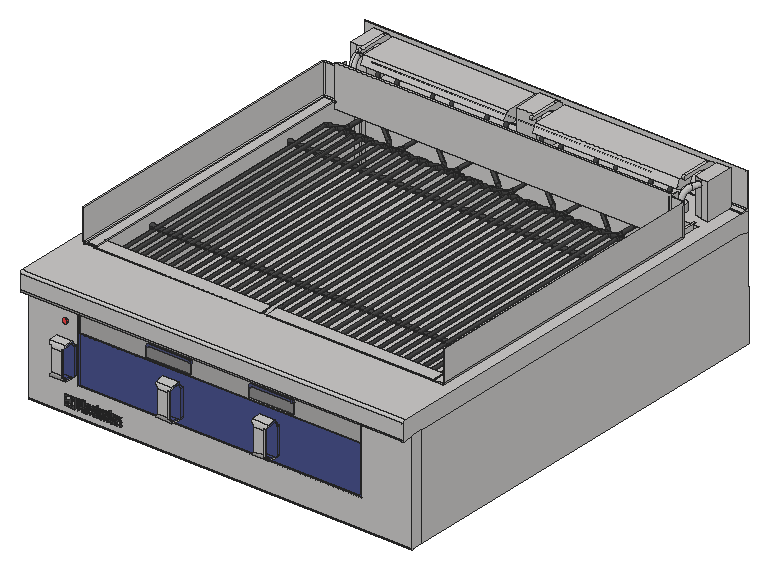
Revit family "QF_ELECTROLUXPROFESSIONAL_589287_MCDEABHOIO", category Specialty Equipment, Revit 2018
Family settings
  Round Connector Dimension = Use Diameter
  Part Type = Normal
  Work Plane-Based = No
  Always vertical = Yes
  Cut with Voids When Loaded = No
  Shared = No
  Room Calculation Point = No
Parameters (values of type "Standard")
  Weight = 40.8233 kg
  Watts = 0 W
  Volts = 400 V
  URL Manufacturer = "http://professional.electrolux.com"
  URL = "http://professional.electrolux.com"
  Steam Supply Size = 0"
  Steam Supply Minimum Pressure = 0.00 psi
  Steam Supply Maximum Pressure = 0.00 psi
  Steam Pounds per Hour = 0
  Refrigeration Suction Line Size = 0"
  Refrigeration Liquid Line Size = 0"
  Refrigerant Compressor Remote = yes
  Phase = 3
  Model = "MCDEABHOIO"
  Manufacturer = "Electrolux Professional"
  Length Actual = 800 mm  # constant formula
  Item Number = "589287"
  Hot Water Size = 0"
  Height Actual = 250 mm  # constant formula
  HP = "14.5 HP"
  Gas Size = 0"
  Gas KW = 0
  Gas Input Pressure = 0.0 Btu/h
  Direct Waste Size = 1/2"
  Description = "ELECTRIC CHARGRILL, 1 SIDE, BACKSPLASH, 800X900X250H"
  Depth Actual = 900 mm  # constant formula
  Cycle = 60 Hz
  Condensate Return Size = 0"
  Compressed Air Volume = 0 GPM
  Compressed Air Size = 0"
  Compressed Air Pressure = 0.00 psi
  Cold Water Size = 1/2"
  Accessory = yes
Values of the unnamed type that differ from the named types
  Volts = 0 V
  URL Manufacturer = ""
  Item Number = ""
  Cycle = 0 Hz
Reference planes
  plane 1 "BACK": y = 0
  plane 2: z = 0
  plane 3 "LEFT": x = 0
  plane 4 "RIGHT": x = 800
  plane 5 "FRONT": y = -900
  plane 6 "PLAIN": z = 900
  plane 7 "Center (Left/Right)": x = 400
  plane 8 "Center (Front/Back)": y = -450
  plane 9 "Grill": z = 888
  plane 10 "MontanteBack": y = -70
  plane 11 "SCARICO": through (46.603, -71.263, 1219.2) normal (0.9563, 0.2923, 0)
  plane 12 "BASE": z = 650
  plane 13 "TOP": z = 974
  plane 14 "EI_x": y = -685
  plane 15 "EI_y": x = 756
  plane 16: z = 1624
  plane 17 "Scarico2": through (753.397, -71.263, 1219.2) normal (0.9563, -0.2923, 0)
Forms (mm)
  Sweep 1, solid, material "QF_Finishes_Stainless Steel"
    path origin (330, -5, 0) x (1, 0, 0) y (0, 1, 0)
      loop
        line (446.548, -759) -> (446.548, -136.621)
        arc (446.548, -136.621) -> (445.376, -133.793) -> (442.548, -132.621) r 4
        line (442.548, -132.621) -> (420.548, -132.621)
        arc (420.548, -132.621) -> (417.72, -131.449) -> (416.548, -128.621) r 4
        line (416.548, -128.621) -> (416.548, -114.621)
    profile origin (776.548, -452.81, 0) x (-1, 0, 0) y (0, 0, 1)
      loop
        line (1.048, 904) -> (1.048, 967.5) -> (-0.952, 967.5) -> (-0.952, 904)
        arc (-0.952, 904) -> (0.193, 900.815) -> (3.105, 899.09) r 5
        line (3.105, 899.09) -> (3.105, 901.152)
        arc (3.105, 901.152) -> (1.616, 902.244) -> (1.048, 904) r 3
  Sweep 2, solid, material "QF_Finishes_Stainless Steel"
    path origin (470, -5, 0) x (-1, 0, 0) y (0, 1, 0)
      loop
        line (446.548, -759) -> (446.548, -136.621)
        arc (446.548, -136.621) -> (445.376, -133.793) -> (442.548, -132.621) r 4
        line (442.548, -132.621) -> (420.548, -132.621)
        arc (420.548, -132.621) -> (417.72, -131.449) -> (416.548, -128.621) r 4
        line (416.548, -128.621) -> (416.548, -114.621)
    profile origin (23.452, -452.81, 0) x (-1, 0, 0) y (0, 0, 1)
      loop
        arc (-1.048, 904.91) -> (-1.616, 903.154) -> (-3.105, 902.062) r 3
        line (-3.105, 902.062) -> (-3.105, 900)
        arc (-3.105, 900) -> (-0.193, 901.725) -> (0.952, 904.91) r 5
        line (0.952, 904.91) -> (0.952, 967.5) -> (-1.048, 967.5) -> (-1.048, 904.91)
  Extrusion 3, solid, material "QF_Finishes_Stainless Steel"
    sketch origin (-150, 0, 650) x (1, 0, 0) y (0, 0, 1)
      loop
        line (190, 105) -> (910, 105) -> (910, 250) -> (905, 250) -> (905, 110) -> (195, 110) -> (195, 250) -> (190, 250) -> (190, 105)
    from 87 to 747
  Extrusion 4, solid, material "QF_Finishes_Stainless Steel"
    sketch origin (0, 0, 650) x (0, 1, 0) y (0, 0, 1)
      loop
        arc (-4.695, 210.061) -> (-1.429, 210.936) -> (0, 214) r 4
        line (0, 214) -> (0, 246)
        arc (0, 246) -> (-1.172, 248.828) -> (-4, 250) r 4
        line (-4, 250) -> (-895, 250)
        arc (-895, 250) -> (-898.536, 248.536) -> (-900, 245) r 5
        line (-900, 245) -> (-900, 214)
        arc (-900, 214) -> (-898.571, 210.936) -> (-895.305, 210.061) r 4
        line (-895.305, 210.061) -> (-878.81, 212.969) -> (-21.19, 212.969) -> (-4.695, 210.061)
    from 0 to 800
  Extrusion 5, void
    sketch origin (0, 0, 650) x (1, 0, 0) y (0, 0, 1)
      loop
        line (26.557, 255) -> (26.557, 206.834) -> (773.443, 206.834) -> (773.443, 255) -> (26.557, 255)
    from 95 to 764
  Extrusion 6, solid, material "QF_Finishes_Stainless Steel"
    sketch origin (400, 303.899, 1047.01) x (0, 1, 0) y (0, 0, 1)
      loop
        circle (-352.832, -92.011) r 16
    from -338.334 to 343.443
  Sweep 7, solid, material "QF_Finishes_Stainless Steel"
    path origin (0, -70, -250) x (0, 0, 1) y (-1, 0, 0)
      loop
        line (1112.969, -2) -> (900, -2) -> (900, -798) -> (1113, -798)
    profile origin (2, -70, 756.485) x (0, -1, 0) y (1, 0, 0)
      loop
        line (25.019, 0) -> (25.019, 25) -> (22, 25) -> (22, 3) -> (-22, 3) -> (-22, 25) -> (-24.981, 25) -> (-24.981, 0) -> (25.019, 0)
  Extrusion 8, solid, material "QF_Finishes_Stainless Steel"
    sketch origin (0, 0, 888) x (0, 1, 0) y (-1, 0, 0)
      loop
        line (-759.991, -26.557) -> (-759.991, -47.348) -> (-140.726, -47.348) -> (-140.726, -27.452)
        arc (-140.726, -27.452) -> (-140.988, -26.819) -> (-141.621, -26.557) r 0.895
        line (-141.621, -26.557) -> (-759.991, -26.557)
      loop
        line (-764, -773.443) -> (-141.621, -773.443)
        arc (-141.621, -773.443) -> (-140.988, -773.181) -> (-140.726, -772.548) r 0.895
        line (-140.726, -772.548) -> (-140.726, -752.652) -> (-764, -752.652) -> (-764, -773.443)
    from 12 to 14.062
  Extrusion 9, solid, material "QF_Finishes_Black"
    sketch origin (400, 296.4, 1869.2) x (0, 1, 0) y (0, 0, 1)
      loop
        circle (-553.985, -991.468) r 4.002
      loop
        circle (-913.985, -991.468) r 4.002
    from -352.652 to 352.652
  Extrusion 10, solid, material "QF_Finishes_Stainless Steel"
    sketch origin (800, 0, 650) x (0, -1, 0) y (0, 0, 1)
      loop
        line (0, 214) -> (0, 0) -> (854, 0) -> (854, 212.969) -> (21.19, 212.969) -> (4.695, 210.061)
        arc (4.695, 210.061) -> (1.429, 210.936) -> (0, 214) r 4
    from 0 to 2
  Extrusion 11, solid, material "QF_Finishes_Stainless Steel"
    sketch origin (400, 296.4, 1869.2) x (0, 1, 0) y (0, 0, 1)
      loop
        arc (-296.4, -1005.2) -> (-296.936, -1007.2) -> (-298.4, -1008.664) r 4
        line (-298.4, -1008.664) -> (-298.4, -1219.2) -> (-296.4, -1219.2) -> (-296.4, -1005.2)
    from -398 to 398
  Extrusion 12, solid, material "QF_Finishes_Stainless Steel"
    sketch origin (0, 0, 650) x (0, 1, 0) y (0, 0, 1)
      loop
        arc (0, 214) -> (-1.429, 210.936) -> (-4.695, 210.061) r 4
        line (-4.695, 210.061) -> (-21.19, 212.969) -> (-854, 212.969) -> (-854, 0) -> (0, 0) -> (0, 214)
    from 0 to 2
  Extrusion 13, solid, material "QF_Finishes_Stainless Steel"
    sketch origin (-20, 5, 888) x (0, 1, 0) y (-1, 0, 0)
      loop
        line (-16.433, -76.495) -> (-16.433, -46.495) -> (-76.433, -46.495) -> (-76.433, -60.491) -> (-71.54, -76.495) -> (-16.433, -76.495)
    from 12 to 86
  Extrusion 14, solid, material "QF_Finishes_Stainless Steel"
    sketch origin (400, 296.4, 1043.2) x (0, 1, 0) y (0, 0, 1)
      loop
        line (-312.832, -69.2) -> (-387.871, -69.2) -> (-396.4, -83.974) -> (-375.871, -95.826) -> (-329.794, -95.826) -> (-312.832, -86.033) -> (-312.832, -69.2)
    from -330 to -30
  Extrusion 15, solid, material "QF_Finishes_Black"
    sketch origin (0, -900, 650) x (1, 0, 0) y (0, 0, 1)
      loop
        spline (109.591, 27.285) -> (109.385, 27.294) -> (109.166, 27.322) -> (108.939, 27.374) -> (108.71, 27.451) -> (108.486, 27.559) -> (108.272, 27.7) -> (108.075, 27.878) -> (107.9, 28.096) -> (107.753, 28.358) -> (107.641, 28.667) -> (107.569, 29.026) -> (107.544, 29.44)
        line (107.544, 29.44) -> (107.544, 31.273) -> (113.596, 31.273) -> (113.596, 33.611) -> (107.543, 33.611) -> (107.543, 37.014) -> (113.982, 37.014) -> (113.982, 39.345) -> (105.065, 39.345) -> (105.065, 29.546)
        spline (105.065, 29.546) -> (105.088, 28.943) -> (105.155, 28.375) -> (105.269, 27.843) -> (105.431, 27.35) -> (105.642, 26.898) -> (105.903, 26.487) -> (106.215, 26.121) -> (106.581, 25.802) -> (107.001, 25.531) -> (107.476, 25.309) -> (108.008, 25.141) -> (108.597, 25.026)
        line (108.597, 25.026) -> (109.57, 24.956) -> (114.154, 24.956) -> (114.154, 27.285) -> (109.591, 27.285)
      loop
        line (115.915, 32.546) -> (115.915, 24.953) -> (118.393, 24.953) -> (118.393, 39.349) -> (115.915, 39.349) -> (115.915, 32.546)
      loop
        spline (130.665, 30.422) -> (130.623, 31.14) -> (130.499, 31.828) -> (130.296, 32.48) -> (130.018, 33.089) -> (129.668, 33.649) -> (129.249, 34.154) -> (128.766, 34.599) -> (128.222, 34.976) -> (127.62, 35.28) -> (126.963, 35.505) -> (126.255, 35.644) -> (125.499, 35.692)
        spline (125.499, 35.692) -> (124.728, 35.647) -> (123.994, 35.515) -> (123.305, 35.299) -> (122.666, 35.003) -> (122.081, 34.629) -> (121.556, 34.182) -> (121.097, 33.663) -> (120.71, 33.078) -> (120.399, 32.429) -> (120.17, 31.719) -> (120.029, 30.952) -> (119.98, 30.131)
        spline (119.98, 30.131) -> (120.027, 29.33) -> (120.164, 28.582) -> (120.388, 27.889) -> (120.693, 27.254) -> (121.076, 26.682) -> (121.533, 26.175) -> (122.057, 25.737) -> (122.647, 25.371) -> (123.296, 25.081) -> (124.002, 24.869) -> (124.758, 24.74) -> (125.562, 24.696)
        spline (125.562, 24.696) -> (125.954, 24.705) -> (126.341, 24.735) -> (126.725, 24.786) -> (127.103, 24.862) -> (127.477, 24.963) -> (127.846, 25.093) -> (128.211, 25.252) -> (128.571, 25.443) -> (128.926, 25.668) -> (129.275, 25.928) -> (129.62, 26.226) -> (129.96, 26.563)
        line (129.96, 26.563) -> (128.466, 28.016)
        spline (128.466, 28.016) -> (128.269, 27.826) -> (128.072, 27.653) -> (127.871, 27.495) -> (127.666, 27.353) -> (127.454, 27.228) -> (127.235, 27.118) -> (127.005, 27.025) -> (126.764, 26.949) -> (126.509, 26.889) -> (126.238, 26.847) -> (125.951, 26.821) -> (125.645, 26.812)
        spline (125.645, 26.812) -> (125.196, 26.834) -> (124.776, 26.9) -> (124.385, 27.007) -> (124.025, 27.153) -> (123.698, 27.338) -> (123.407, 27.559) -> (123.152, 27.815) -> (122.935, 28.103) -> (122.759, 28.423) -> (122.625, 28.772) -> (122.535, 29.148) -> (122.491, 29.551)
        line (122.491, 29.551) -> (130.624, 29.551) -> (130.665, 30.422)
      loop
        spline (128.134, 31.294) -> (128.11, 31.6) -> (128.04, 31.895) -> (127.927, 32.175) -> (127.774, 32.439) -> (127.584, 32.682) -> (127.362, 32.902) -> (127.108, 33.096) -> (126.828, 33.261) -> (126.524, 33.394) -> (126.199, 33.493) -> (125.856, 33.555) -> (125.499, 33.576)
        spline (125.499, 33.576) -> (125.117, 33.555) -> (124.748, 33.495) -> (124.397, 33.397) -> (124.067, 33.265) -> (123.761, 33.102) -> (123.482, 32.909) -> (123.233, 32.69) -> (123.018, 32.448) -> (122.839, 32.184) -> (122.7, 31.902) -> (122.604, 31.604) -> (122.554, 31.294)
        line (122.554, 31.294) -> (128.134, 31.294)
      loop
        spline (134.414, 30.194) -> (134.442, 30.655) -> (134.525, 31.092) -> (134.66, 31.503) -> (134.842, 31.883) -> (135.069, 32.23) -> (135.337, 32.541) -> (135.644, 32.813) -> (135.985, 33.042) -> (136.357, 33.225) -> (136.758, 33.36) -> (137.183, 33.444) -> (137.63, 33.472)
        spline (137.63, 33.472) -> (137.904, 33.463) -> (138.167, 33.438) -> (138.418, 33.396) -> (138.659, 33.338) -> (138.891, 33.263) -> (139.113, 33.174) -> (139.327, 33.069) -> (139.532, 32.95) -> (139.73, 32.816) -> (139.922, 32.668) -> (140.106, 32.506) -> (140.285, 32.331)
        line (140.285, 32.331) -> (141.821, 33.929)
        spline (141.821, 33.929) -> (141.515, 34.234) -> (141.201, 34.509) -> (140.877, 34.753) -> (140.545, 34.968) -> (140.205, 35.155) -> (139.858, 35.313) -> (139.503, 35.445) -> (139.141, 35.552) -> (138.772, 35.632) -> (138.397, 35.689) -> (138.016, 35.723) -> (137.63, 35.734)
        spline (137.63, 35.734) -> (136.855, 35.686) -> (136.114, 35.545) -> (135.411, 35.317) -> (134.754, 35.007) -> (134.15, 34.621) -> (133.605, 34.162) -> (133.125, 33.637) -> (132.718, 33.05) -> (132.39, 32.408) -> (132.147, 31.714) -> (131.997, 30.974) -> (131.945, 30.194)
        spline (131.945, 30.194) -> (131.997, 29.414) -> (132.147, 28.674) -> (132.39, 27.981) -> (132.718, 27.338) -> (133.125, 26.751) -> (133.605, 26.226) -> (134.15, 25.767) -> (134.754, 25.381) -> (135.411, 25.071) -> (136.114, 24.843) -> (136.855, 24.702) -> (137.63, 24.654)
        spline (137.63, 24.654) -> (138.016, 24.665) -> (138.397, 24.699) -> (138.772, 24.756) -> (139.141, 24.837) -> (139.503, 24.943) -> (139.858, 25.075) -> (140.205, 25.233) -> (140.545, 25.42) -> (140.877, 25.635) -> (141.201, 25.879) -> (141.515, 26.154) -> (141.821, 26.46)
        line (141.821, 26.46) -> (140.285, 28.057)
        spline (140.285, 28.057) -> (140.106, 27.882) -> (139.922, 27.72) -> (139.73, 27.573) -> (139.532, 27.439) -> (139.327, 27.319) -> (139.113, 27.214) -> (138.891, 27.125) -> (138.659, 27.05) -> (138.418, 26.992) -> (138.167, 26.95) -> (137.904, 26.925) -> (137.63, 26.916)
        spline (137.63, 26.916) -> (137.183, 26.944) -> (136.758, 27.028) -> (136.357, 27.163) -> (135.985, 27.346) -> (135.644, 27.575) -> (135.337, 27.847) -> (135.069, 28.158) -> (134.842, 28.505) -> (134.66, 28.885) -> (134.525, 29.296) -> (134.442, 29.733) -> (134.414, 30.194)
      loop
        spline (148.14, 27.282) -> (147.921, 27.278) -> (147.687, 27.295) -> (147.443, 27.335) -> (147.196, 27.404) -> (146.952, 27.504) -> (146.717, 27.641) -> (146.497, 27.817) -> (146.298, 28.038) -> (146.127, 28.306) -> (145.989, 28.626) -> (145.891, 29.003) -> (145.839, 29.439)
        line (145.839, 29.439) -> (145.839, 33.112) -> (148.093, 33.112) -> (148.093, 35.363) -> (145.842, 35.363) -> (145.842, 39.349) -> (143.364, 39.349) -> (143.364, 29.299)
        spline (143.364, 29.299) -> (143.417, 28.715) -> (143.513, 28.167) -> (143.653, 27.655) -> (143.838, 27.182) -> (144.07, 26.749) -> (144.349, 26.358) -> (144.676, 26.011) -> (145.054, 25.709) -> (145.482, 25.456) -> (145.963, 25.252) -> (146.496, 25.099) -> (147.084, 25)
        line (147.084, 25) -> (148.131, 24.953) -> (148.14, 27.282)
      loop
        spline (156.479, 35.508) -> (156.05, 35.534) -> (155.637, 35.526) -> (155.241, 35.486) -> (154.864, 35.413) -> (154.506, 35.31) -> (154.168, 35.177) -> (153.853, 35.015) -> (153.559, 34.826) -> (153.29, 34.61) -> (153.046, 34.369) -> (152.828, 34.103) -> (152.637, 33.815)
        line (152.637, 33.815) -> (152.637, 35.363) -> (150.179, 35.363) -> (150.179, 24.953) -> (152.637, 24.953) -> (152.637, 30.426)
        spline (152.637, 30.426) -> (152.66, 30.841) -> (152.726, 31.228) -> (152.835, 31.585) -> (152.984, 31.911) -> (153.173, 32.205) -> (153.399, 32.464) -> (153.66, 32.687) -> (153.956, 32.873) -> (154.284, 33.02) -> (154.642, 33.127) -> (155.03, 33.193) -> (155.446, 33.215)
        line (155.446, 33.215) -> (156.479, 33.112) -> (156.479, 35.508)
      loop
        spline (168.219, 30.158) -> (168.167, 30.921) -> (168.016, 31.649) -> (167.772, 32.335) -> (167.444, 32.974) -> (167.036, 33.559) -> (166.556, 34.085) -> (166.01, 34.546) -> (165.406, 34.936) -> (164.75, 35.249) -> (164.049, 35.481) -> (163.31, 35.623) -> (162.539, 35.672)
        spline (162.539, 35.672) -> (161.763, 35.623) -> (161.02, 35.481) -> (160.318, 35.249) -> (159.661, 34.936) -> (159.057, 34.546) -> (158.513, 34.085) -> (158.035, 33.559) -> (157.628, 32.974) -> (157.301, 32.335) -> (157.059, 31.649) -> (156.909, 30.921) -> (156.858, 30.158)
        spline (156.858, 30.158) -> (156.909, 29.394) -> (157.059, 28.667) -> (157.301, 27.981) -> (157.628, 27.342) -> (158.035, 26.757) -> (158.513, 26.231) -> (159.057, 25.77) -> (159.661, 25.38) -> (160.318, 25.066) -> (161.02, 24.835) -> (161.763, 24.692) -> (162.539, 24.643)
        spline (162.539, 24.643) -> (163.31, 24.692) -> (164.049, 24.835) -> (164.75, 25.066) -> (165.406, 25.38) -> (166.01, 25.77) -> (166.556, 26.231) -> (167.036, 26.757) -> (167.444, 27.342) -> (167.772, 27.981) -> (168.016, 28.667) -> (168.167, 29.394) -> (168.219, 30.158)
      loop
        spline (165.76, 30.158) -> (165.731, 30.608) -> (165.648, 31.038) -> (165.512, 31.443) -> (165.329, 31.821) -> (165.101, 32.167) -> (164.831, 32.479) -> (164.524, 32.752) -> (164.182, 32.984) -> (163.809, 33.17) -> (163.409, 33.307) -> (162.984, 33.392) -> (162.539, 33.421)
        spline (162.539, 33.421) -> (162.089, 33.392) -> (161.662, 33.307) -> (161.26, 33.17) -> (160.886, 32.984) -> (160.545, 32.752) -> (160.238, 32.479) -> (159.97, 32.167) -> (159.744, 31.821) -> (159.562, 31.443) -> (159.428, 31.038) -> (159.345, 30.608) -> (159.317, 30.158)
        spline (159.317, 30.158) -> (159.345, 29.707) -> (159.428, 29.278) -> (159.562, 28.872) -> (159.744, 28.495) -> (159.97, 28.148) -> (160.238, 27.836) -> (160.545, 27.563) -> (160.886, 27.332) -> (161.26, 27.145) -> (161.662, 27.008) -> (162.089, 26.923) -> (162.539, 26.894)
        spline (162.539, 26.894) -> (162.984, 26.923) -> (163.409, 27.008) -> (163.809, 27.145) -> (164.182, 27.332) -> (164.524, 27.563) -> (164.831, 27.836) -> (165.101, 28.148) -> (165.329, 28.495) -> (165.512, 28.872) -> (165.648, 29.278) -> (165.731, 29.707) -> (165.76, 30.158)
      loop
        line (169.743, 32.794) -> (169.743, 24.953) -> (172.222, 24.953) -> (172.222, 39.349) -> (169.743, 39.349) -> (169.743, 32.794)
      loop
        line (181.161, 35.363) -> (181.161, 29.311)
        spline (181.161, 29.311) -> (181.141, 28.918) -> (181.083, 28.563) -> (180.989, 28.246) -> (180.861, 27.966) -> (180.702, 27.723) -> (180.513, 27.514) -> (180.297, 27.34) -> (180.057, 27.2) -> (179.793, 27.092) -> (179.509, 27.016) -> (179.207, 26.971) -> (178.889, 26.956)
        spline (178.889, 26.956) -> (178.571, 26.971) -> (178.269, 27.016) -> (177.985, 27.091) -> (177.721, 27.199) -> (177.481, 27.339) -> (177.265, 27.512) -> (177.076, 27.718) -> (176.917, 27.96) -> (176.789, 28.237) -> (176.695, 28.551) -> (176.637, 28.901) -> (176.617, 29.29)
        line (176.617, 29.29) -> (176.617, 35.363) -> (174.118, 35.363) -> (174.118, 29.083)
        spline (174.118, 29.083) -> (174.162, 28.372) -> (174.29, 27.725) -> (174.497, 27.141) -> (174.776, 26.621) -> (175.12, 26.163) -> (175.525, 25.768) -> (175.983, 25.435) -> (176.489, 25.163) -> (177.037, 24.953) -> (177.62, 24.803) -> (178.233, 24.714) -> (178.869, 24.684)
        spline (178.869, 24.684) -> (179.51, 24.714) -> (180.127, 24.805) -> (180.715, 24.957) -> (181.267, 25.17) -> (181.778, 25.446) -> (182.24, 25.784) -> (182.648, 26.184) -> (182.996, 26.648) -> (183.277, 27.176) -> (183.485, 27.768) -> (183.615, 28.424) -> (183.66, 29.146)
        line (183.66, 29.146) -> (183.66, 35.363) -> (181.161, 35.363)
      loop
        line (193.038, 28.282) -> (191.475, 30.467) -> (193.41, 33.104) -> (195.068, 35.363) -> (192.363, 35.363) -> (190.11, 32.244) -> (187.839, 35.363) -> (185.154, 35.363) -> (186.694, 33.256) -> (188.748, 30.447) -> (186.595, 27.449) -> (184.803, 24.953) -> (187.467, 24.953) -> (190.11, 28.63) -> (192.755, 24.953) -> (195.419, 24.953) -> (193.038, 28.282)
      loop
        line (106.459, 22.688) -> (104.542, 22.688) -> (104.542, 17.711) -> (105.565, 17.711) -> (105.565, 19.398) -> (106.459, 19.398)
        arc (106.459, 19.398) -> (108.104, 21.043) -> (106.459, 22.688) r 1.645
      loop
        line (106.418, 21.747) -> (105.565, 21.747) -> (105.565, 20.338) -> (106.418, 20.338)
        arc (106.418, 20.338) -> (107.122, 21.043) -> (106.418, 21.747) r 0.704
      loop
        line (114.268, 22.688) -> (112.316, 22.688) -> (112.316, 17.711) -> (113.339, 17.711) -> (113.339, 19.425) -> (114.12, 19.343) -> (115.101, 17.711) -> (116.262, 17.711) -> (115.068, 19.677)
        arc (115.068, 19.677) -> (115.692, 20.259) -> (115.91, 21.084) r 1.536
        arc (115.91, 21.084) -> (115.416, 22.22) -> (114.268, 22.688) r 1.643
      loop
        arc (114.178, 20.359) -> (114.873, 21.02) -> (114.247, 21.747) r 0.696
        line (114.247, 21.747) -> (113.339, 21.747) -> (113.339, 20.359) -> (114.178, 20.359)
      loop
        circle (122.616, 20.2) r 2.585
      loop
        circle (122.616, 20.2) r 1.64
      loop
        line (129.481, 22.688) -> (129.481, 17.711) -> (130.504, 17.711) -> (130.504, 19.757) -> (132.377, 19.757) -> (132.377, 20.698) -> (130.504, 20.698) -> (130.504, 21.747) -> (132.557, 21.747) -> (132.557, 22.688) -> (129.481, 22.688)
      loop
        line (136.778, 22.688) -> (136.778, 19.325)
        arc (136.778, 19.325) -> (137.237, 18.185) -> (138.371, 17.711) r 1.593
        line (138.371, 17.711) -> (139.978, 17.711) -> (139.978, 18.498) -> (138.577, 18.498)
        arc (138.577, 18.498) -> (138.029, 18.725) -> (137.802, 19.273) r 0.775
        line (137.802, 19.273) -> (137.802, 20.101) -> (139.792, 20.101) -> (139.792, 20.883) -> (137.802, 20.883) -> (137.802, 21.747) -> (139.93, 21.747) -> (139.93, 22.688) -> (136.778, 22.688)
      loop
        line (146.672, 21.383) -> (147.407, 21.887)
        arc (147.407, 21.887) -> (146.726, 22.552) -> (145.799, 22.771) r 1.782
        arc (145.799, 22.771) -> (145.183, 22.647) -> (144.637, 22.336) r 1.974
        arc (144.637, 22.336) -> (144.379, 22.025) -> (144.263, 21.637) r 1.013
        arc (144.263, 21.637) -> (144.274, 21.184) -> (144.388, 20.745) r 1.985
        arc (144.388, 20.745) -> (144.831, 20.266) -> (145.409, 19.962) r 1.928
        arc (145.409, 19.962) -> (145.943, 19.746) -> (146.449, 19.469) r 5.041
        arc (146.449, 19.469) -> (146.646, 19.138) -> (146.49, 18.785) r 0.42
        arc (146.49, 18.785) -> (145.949, 18.565) -> (145.377, 18.68) r 1.016
        arc (145.377, 18.68) -> (144.956, 18.922) -> (144.692, 19.329) r 1.033
        line (144.692, 19.329) -> (143.91, 18.839)
        arc (143.91, 18.839) -> (144.22, 18.327) -> (144.673, 17.936) r 1.914
        arc (144.673, 17.936) -> (145.246, 17.691) -> (145.867, 17.629) r 2.063
        arc (145.867, 17.629) -> (146.634, 17.782) -> (147.325, 18.149) r 2.696
        arc (147.325, 18.149) -> (147.63, 18.96) -> (147.473, 19.813) r 1.618
        arc (147.473, 19.813) -> (147.132, 20.206) -> (146.697, 20.49) r 1.876
        arc (146.697, 20.49) -> (146.146, 20.736) -> (145.582, 20.948) r 9.883
        arc (145.582, 20.948) -> (145.255, 21.455) -> (145.727, 21.831) r 0.45
        arc (145.727, 21.831) -> (146.251, 21.716) -> (146.672, 21.383) r 1.197
      loop
        line (154.19, 21.383) -> (154.925, 21.887)
        arc (154.925, 21.887) -> (154.244, 22.552) -> (153.318, 22.771) r 1.782
        arc (153.318, 22.771) -> (152.701, 22.647) -> (152.155, 22.336) r 1.974
        arc (152.155, 22.336) -> (151.897, 22.025) -> (151.781, 21.637) r 1.013
        arc (151.781, 21.637) -> (151.793, 21.184) -> (151.906, 20.745) r 1.985
        arc (151.906, 20.745) -> (152.35, 20.266) -> (152.927, 19.962) r 1.928
        arc (152.927, 19.962) -> (153.462, 19.746) -> (153.967, 19.469) r 5.041
        arc (153.967, 19.469) -> (154.165, 19.138) -> (154.009, 18.785) r 0.42
        arc (154.009, 18.785) -> (153.468, 18.565) -> (152.895, 18.68) r 1.016
        arc (152.895, 18.68) -> (152.474, 18.922) -> (152.21, 19.329) r 1.033
        line (152.21, 19.329) -> (151.428, 18.839)
        arc (151.428, 18.839) -> (151.738, 18.327) -> (152.191, 17.936) r 1.914
        arc (152.191, 17.936) -> (152.764, 17.691) -> (153.385, 17.629) r 2.063
        arc (153.385, 17.629) -> (154.152, 17.782) -> (154.843, 18.149) r 2.696
        arc (154.843, 18.149) -> (155.149, 18.96) -> (154.991, 19.813) r 1.618
        arc (154.991, 19.813) -> (154.65, 20.206) -> (154.215, 20.49) r 1.876
        arc (154.215, 20.49) -> (153.665, 20.736) -> (153.1, 20.948) r 9.883
        arc (153.1, 20.948) -> (152.774, 21.455) -> (153.245, 21.831) r 0.45
        arc (153.245, 21.831) -> (153.769, 21.716) -> (154.19, 21.383) r 1.197
      loop
        line (159.382, 22.688) -> (159.382, 17.711) -> (160.405, 17.711) -> (160.405, 22.688) -> (159.382, 22.688)
      loop
        circle (167.305, 20.2) r 1.548
      loop
        circle (167.305, 20.2) r 2.585
      loop
        line (174.17, 17.711) -> (175.204, 17.711) -> (175.204, 20.84) -> (177.481, 17.711) -> (178.475, 17.711) -> (178.475, 22.688) -> (177.442, 22.688) -> (177.442, 19.464) -> (175.165, 22.688) -> (174.17, 22.688) -> (174.17, 17.711)
      loop
        line (183.635, 17.711) -> (184.12, 18.785) -> (185.961, 18.785) -> (186.445, 17.711) -> (187.545, 17.711) -> (185.041, 22.688) -> (182.536, 17.711) -> (183.635, 17.711)
      loop
        line (185.041, 20.827) -> (184.579, 19.806) -> (185.501, 19.806) -> (185.041, 20.827)
      loop
        line (192.628, 18.652) -> (192.628, 22.688) -> (191.604, 22.688) -> (191.604, 17.711) -> (194.542, 17.711) -> (194.542, 18.652) -> (192.628, 18.652)
      loop
        line (77.595, 17.711) -> (99.258, 17.711) -> (99.258, 39.345) -> (77.595, 39.345) -> (77.595, 17.711)
      loop
        line (91.319, 38.283) -> (91.319, 18.818)
        arc (91.319, 18.818) -> (98.515, 28.55) -> (91.319, 38.283) r 10.18
      loop
        line (90.329, 36.874) -> (90.329, 38.283)
        arc (90.329, 38.283) -> (82.234, 36.443) -> (78.334, 29.115) r 9.976
        line (78.334, 29.115) -> (81.554, 29.115)
        arc (81.554, 29.115) -> (87.307, 31.45) -> (90.329, 36.874) r 9.351
      loop
        arc (78.334, 27.986) -> (82.227, 20.597) -> (90.329, 18.568) r 10.237
        line (90.329, 18.568) -> (90.329, 20.227)
        arc (90.329, 20.227) -> (87.307, 25.651) -> (81.554, 27.986) r 9.351
        line (81.554, 27.986) -> (78.334, 27.986)
    from -21 to -19.269
  Sweep 16, solid, material "QF_Finishes_Stainless Steel"
    path origin (20.584, 13.873, -176) x (-0.292277, 0.956334, 0) y (0, 0, 1)
      loop
        line (-87.35, 1138.999) -> (-105.35, 1138.999)
        arc (-105.35, 1138.999) -> (-118.785, 1133.434) -> (-124.35, 1119.999) r 19
        line (-124.35, 1119.999) -> (-124.35, 1115.999)
    profile origin (55.302, -99.726, 957.434) x (-0.206671, 0.67623, -0.707107) y (0.956334, 0.292277, 0)
      loop
        circle (0, 0) r 5.5
  Sweep 17, solid, material "QF_Finishes_Stainless Steel"
    path origin (20.584, 13.873, -176) x (-0.292277, 0.956334, 0) y (0, 0, 1)
      loop
        line (-124.348, 1102.5) -> (-124.348, 1115.999)
    profile origin (56.928, -105.045, 933.249) x (0.292277, -0.956334, 0) y (0.956334, 0.292277, 0)
      loop
        circle (0, 0) r 11
  Extrusion 18, solid, material "QF_Finishes_Stainless Steel"
    sketch origin (0, -900, 650) x (1, 0, 0) y (0, 0, 1)
      loop
        line (393.601, 250) -> (393.601, 251.152) -> (45, 251.152) -> (45, 250) -> (393.601, 250)
    from -136 to -165.101
  Extrusion 19, solid, material "QF_Finishes_Stainless Steel"
    sketch origin (0, -900, 650) x (1, 0, 0) y (0, 0, 1)
      loop
        line (419, 110) -> (419, 250) -> (81, 250) -> (81, 110) -> (419, 110)
    from -805 to -808
  Extrusion 20, solid, material "QF_Finishes_Stainless Steel"
    sketch origin (0, -900, 650) x (1, 0, 0) y (0, 0, 1)
      loop
        line (738.443, 110) -> (738.443, 250) -> (81, 250) -> (81, 110) -> (738.443, 110)
    from -808 to -800.351
  Extrusion 21, solid, material "QF_Finishes_Stainless Steel"
    sketch origin (0, -5, 888) x (0, 1, 0) y (-1, 0, 0)
      loop
        line (-135.726, -49.452) -> (-135.726, -750.548)
        arc (-135.726, -750.548) -> (-134.341, -746.333) -> (-130.726, -743.762) r 7.105
        line (-130.726, -743.762) -> (-130.726, -56.238)
        arc (-130.726, -56.238) -> (-134.341, -53.667) -> (-135.726, -49.452) r 7.105
    from 0 to 86
  Extrusion 22, solid, material "QF_Door-Drawer Clearances", detail levels coarse
    sketch origin (400, 877.348, 641.206) x (0, 0.044575, -0.999006) y (0, 0.999006, 0.044575)
      loop
        arc (-431.348, -1005.72) -> (-434.324, -1008.003) -> (-438.042, -1007.514) r 4.9
        line (-438.042, -1007.514) -> (-479.506, -983.574)
        arc (-479.506, -983.574) -> (-481.749, -982.645) -> (-484.156, -982.328) r 9.3
        line (-484.156, -982.328) -> (-991.538, -982.328)
        arc (-991.538, -982.328) -> (-993.945, -982.645) -> (-996.188, -983.574) r 9.3
        line (-996.188, -983.574) -> (-1028.49, -1002.224) -> (-1025.39, -1007.593)
        arc (-1025.39, -1007.593) -> (-803.235, -1464.639) -> (-319.312, -1619.76) r 646.254
        line (-319.312, -1619.76) -> (-292.319, -1014.784) -> (-425.979, -1008.82) -> (-384.68, -937.288) -> (-390.182, -934.418) -> (-431.348, -1005.72)
    from 350 to -350
  Extrusion 23, solid, material "QF_Door-Drawer Clearances", detail levels coarse
    sketch origin (400, 919.315, 5.04) x (0, 0.241505, -0.9704) y (0, 0.9704, 0.241505)
      loop
        line (-1169.89, -688.602) -> (-1186.107, -684.566) -> (-1209.741, -713.777) -> (-1181.784, -736.396) -> (-1169.89, -688.602)
    from 350 to -350
  Extrusion 24, solid, material "QF_Finishes_Stainless Steel"
    sketch origin (400, 301.4, 969.2) x (0, 1, 0) y (0, 0, 1)
      loop
        arc (-389.946, 12.113) -> (-392.946, 9.113) -> (-389.946, 6.113) r 3
        line (-389.946, 6.113) -> (-351.137, 6.113)
        arc (-351.137, 6.113) -> (-332.116, -7.071) -> (-337.783, -29.509) r 20.314
        arc (-337.783, -29.509) -> (-323.939, -33.624) -> (-328.64, -47.281) r 10.002
        line (-328.64, -47.281) -> (-321.318, -48.572) -> (-312.832, -46.769) -> (-312.832, -13.23) -> (-315.694, 0.231)
        arc (-315.694, 0.231) -> (-320.926, 8.77) -> (-330.366, 12.113) r 15
        line (-330.366, 12.113) -> (-389.946, 12.113)
    from -340.5 to -334.828
  Extrusion 25, solid, material "QF_Finishes_Stainless Steel"
    sketch origin (400, 296.4, 969.2) x (0, 1, 0) y (0, 0, 1)
      loop
        circle (-332.833, -38.2) r 10
    from -336.268 to -343.443
  Extrusion 26, solid, material "QF_Finishes_Stainless Steel"
    sketch origin (-113.033, 0, 888) x (0, 1, 0) y (-1, 0, 0)
      loop
        circle (-163.701, -768.033) r 49
      loop
        circle (-163.701, -768.033) r 44
    from -76.325 to -128
  Extrusion 27, solid, material "QF_Finishes_Stainless Steel"
    sketch origin (-113.033, 0, 888) x (0, 1, 0) y (-1, 0, 0)
      loop
        circle (-163.701, -768.033) r 35
    from -133 to -174.55
  Extrusion 28, void
    sketch origin (0, 0, 888) x (0, 1, 0) y (-1, 0, 0)
      loop
        circle (-163.701, -655) r 35
    from -133 to -128
  Extrusion 29, void
    sketch origin (0, 0, 888) x (0, 1, 0) y (-1, 0, 0)
      loop
        circle (-732.818, -86.446) r 3.406
    from -120.369 to -148.494
  Extrusion 30, solid, material "QF_Finishes_Stainless Steel"
    sketch origin (0, 0, 888) x (0, 1, 0) y (-1, 0, 0)
      loop
        circle (-732.818, -86.446) r 3.406
    from -140.159 to -120.202
  Extrusion 31, solid, material "QF_Finishes_Stainless Steel"
    sketch origin (0, 0, 650) x (0, 1, 0) y (-1, 0, 0)
      loop
        circle (-685, -756) r 10
    from 0 to 20
  Extrusion 32, solid, material "QF_Finishes_Stainless Steel"
    sketch origin (400, 296.4, 1219.2) x (0, 1, 0) y (0, 0, 1)
      loop
        line (-296.4, -245.2) -> (-298.4, -245.2) -> (-298.4, -315.2)
        arc (-298.4, -315.2) -> (-298.986, -316.614) -> (-300.4, -317.2) r 2
        line (-300.4, -317.2) -> (-312.832, -317.2) -> (-312.832, -319.2) -> (-300.4, -319.2)
        arc (-300.4, -319.2) -> (-297.571, -318.028) -> (-296.4, -315.2) r 4
        line (-296.4, -315.2) -> (-296.4, -245.2)
    from 400 to -400
  Extrusion 33, solid, material "QF_Finishes_Stainless Steel"
    sketch origin (0, 0, 650) x (0, 1, 0) y (-1, 0, 0)
      loop
        circle (-670, -599) r 6.35
    from 20 to 0
  Extrusion 34, solid, material "QF_Finishes_Stainless Steel"
    sketch origin (0, 0, 650) x (0, 1, 0) y (-1, 0, 0)
      loop
        circle (-523, -745) r 10
    from 0 to 20
  Extrusion 35, solid, material "QF_Finishes_Stainless Steel"
    sketch origin (400, 296.4, 1043.2) x (0, 1, 0) y (0, 0, -1)
      loop
        line (-312.832, 69.2) -> (-312.832, 86.033) -> (-329.794, 95.826) -> (-375.871, 95.826) -> (-396.4, 83.974) -> (-387.871, 69.2) -> (-312.832, 69.2)
    from 330 to 30
  Extrusion 36, solid, material "QF_Finishes_Stainless Steel"
    sketch origin (400, 296.4, 1043.2) x (0, 1, 0) y (0, 0, 1)
      loop
        line (-312.832, -69.2) -> (-387.871, -69.2) -> (-396.4, -83.974) -> (-375.871, -95.826) -> (-329.794, -95.826) -> (-312.832, -86.033) -> (-312.832, -69.2)
    from 330 to 30
  Extrusion 37, solid, material "QF_Finishes_Stainless Steel"
    sketch origin (820, 5, 888) x (0, 1, 0) y (-1, 0, 0)
      loop
        line (-16.433, 76.495) -> (-71.54, 76.495) -> (-76.433, 60.491) -> (-76.433, 46.495) -> (-16.433, 46.495) -> (-16.433, 76.495)
    from 12 to 86
  Extrusion 38, solid, material "QF_Finishes_Stainless Steel"
    sketch origin (400, 301.4, 969.2) x (0, 1, 0) y (0, 0, -1)
      loop
        line (-389.946, -12.113) -> (-330.366, -12.113)
        arc (-330.366, -12.113) -> (-320.926, -8.77) -> (-315.694, -0.231) r 15
        line (-315.694, -0.231) -> (-312.832, 13.23) -> (-312.832, 46.769) -> (-321.318, 48.572) -> (-328.64, 47.281)
        arc (-328.64, 47.281) -> (-323.939, 33.624) -> (-337.783, 29.509) r 10.002
        arc (-337.783, 29.509) -> (-332.116, 7.071) -> (-351.137, -6.113) r 20.314
        line (-351.137, -6.113) -> (-389.946, -6.113)
        arc (-389.946, -6.113) -> (-392.946, -9.113) -> (-389.946, -12.113) r 3
    from -340.5 to -334.828
  Extrusion 39, solid, material "QF_Finishes_Stainless Steel"
    sketch origin (400, 301.4, 969.2) x (0, 1, 0) y (0, 0, 1)
      loop
        arc (-389.946, 12.113) -> (-392.946, 9.113) -> (-389.946, 6.113) r 3
        line (-389.946, 6.113) -> (-351.137, 6.113)
        arc (-351.137, 6.113) -> (-332.116, -7.071) -> (-337.783, -29.509) r 20.314
        arc (-337.783, -29.509) -> (-323.939, -33.624) -> (-328.64, -47.281) r 10.002
        line (-328.64, -47.281) -> (-321.318, -48.572) -> (-312.832, -46.769) -> (-312.832, -13.23) -> (-315.694, 0.231)
        arc (-315.694, 0.231) -> (-320.926, 8.77) -> (-330.366, 12.113) r 15
        line (-330.366, 12.113) -> (-389.946, 12.113)
    from 17.655 to 23.399
  Extrusion 40, solid, material "QF_Finishes_Stainless Steel"
    sketch origin (-20, 5, 888) x (0, 1, 0) y (-1, 0, 0)
      loop
        line (-16.433, -435.765) -> (-16.433, -394.725) -> (-76.433, -394.725) -> (-76.433, -435.765) -> (-16.433, -435.765)
    from 12 to 86
  Sweep 41, solid, material "QF_Finishes_Stainless Steel"
    path origin (706.837, -209.739, -176) x (0.292277, 0.956334, 0) y (0, 0, 1)
      loop
        line (147.71, 1138.999) -> (129.71, 1138.999)
        arc (129.71, 1138.999) -> (116.275, 1133.434) -> (110.71, 1119.999) r 19
        line (110.71, 1119.999) -> (110.71, 1115.999)
    profile origin (740.822, -98.541, 957.434) x (-0.206671, -0.67623, 0.707107) y (-0.956334, 0.292277, 0)
      loop
        circle (0, -4.053) r 5.5
  Sweep 42, solid, material "QF_Finishes_Stainless Steel"
    path origin (706.837, -209.739, -176) x (0.292277, 0.956334, 0) y (0, 0, 1)
      loop
        line (110.712, 1102.5) -> (110.712, 1115.999)
    profile origin (739.196, -103.861, 933.249) x (0.292277, 0.956334, 0) y (-0.956334, 0.292277, 0)
      loop
        circle (0, -4.053) r 11
  Extrusion 43, solid, material "QF_Finishes_Stainless Steel"
    sketch origin (800, -900, 650) x (-1, 0, 0) y (0, 0, -1)
      loop
        line (393.601, -250) -> (45, -250) -> (45, -251.152) -> (393.601, -251.152) -> (393.601, -250)
    from -136 to -165.101
Cuts and joins
  Extrusion 5 cuts Extrusion 4
  Extrusion 28, Extrusion 29 cuts Extrusion 3
Lines and regions (mm)
  symbolic lines
    curve 1: line (0, -900, 0) -> (0, 0, 0)
    curve 2: line (0, -900, 888) -> (800, -900, 888)
    curve 3: line (800, 0, 888) -> (0, 0, 888)
    curve 4: line (0, -2, 888) -> (800, -2, 888)
    curve 5: line (26.495, -11.433, 888) -> (26.495, -71.433, 888)
    curve 6: line (56.495, -11.433, 888) -> (26.495, -11.433, 888)
    curve 7: line (56.495, -66.54, 888) -> (56.495, -11.433, 888)
    curve 8: line (40.491, -71.433, 888) -> (56.495, -66.54, 888)
    curve 9: line (26.495, -71.433, 888) -> (40.491, -71.433, 888)
    curve 10: line (59.5, -11.433, 888) -> (59.5, -91.546, 888)
    curve 11: line (65.172, -11.433, 888) -> (59.5, -11.433, 888)
    curve 12: line (59.5, -91.546, 888) -> (65.172, -91.546, 888)
    curve 13: line (65.172, -91.546, 888) -> (65.172, -11.433, 888)
    curve 14: line (70, -100, 888) -> (370, -100, 888)
    curve 15: line (70, -100, 888) -> (70, -16.433, 888)
    curve 16: line (51.669, -106.655, 888) -> (40.865, -71.318, 888)
    curve 17: line (62.188, -103.439, 888) -> (51.385, -68.102, 888)
    curve 18: arc (62.188, -103.439, 888) -> (58.537, -110.307, 888) -> (51.669, -106.655, 888) r 5.5
    curve 19: arc (48.883, -97.543, 888) -> (60.144, -115.565, 888) -> (59.402, -94.327, 888) r 11
    curve 20: line (45, -87, 888) -> (40, -87, 888)
    curve 21: line (40, -87, 888) -> (40, -136.669, 888)
    curve 22: line (45, -87, 888) -> (45, -136.669, 888)
    curve 23: line (56.557, -119.621, 888) -> (52.5, -119.621, 888)
    curve 24: line (52.5, -119.621, 888) -> (52.5, -133.621, 888)
    curve 25: arc (49.452, -136.669, 888) -> (51.607, -135.776, 888) -> (52.5, -133.621, 888) r 3.048
    curve 26: line (49.452, -136.669, 888) -> (27.452, -136.669, 888)
    curve 27: arc (22.5, -141.621, 888) -> (23.95, -138.119, 888) -> (27.452, -136.669, 888) r 4.952
    curve 28: line (22.5, -141.621, 888) -> (22.5, -764, 888)
    curve 29: line (22.5, -764, 888) -> (777.5, -764, 888)
    curve 30: line (26.556, -141.566, 888) -> (26.556, -764, 888)
    curve 31: arc (56.557, -133.621, 888) -> (54.476, -138.645, 888) -> (49.452, -140.726, 888) r 7.105
    curve 32: line (56.557, -133.621, 888) -> (56.557, -119.621, 888)
    curve 33: arc (26.557, -141.621, 888) -> (26.819, -140.988, 888) -> (27.452, -140.726, 888) r 0.895
    curve 34: line (27.452, -140.726, 888) -> (49.452, -140.726, 888)
    curve 35: line (743.762, -135.726, 888) -> (56.238, -135.726, 888)
    curve 36: line (773.505, -11.433, 888) -> (773.505, -71.433, 888)
    curve 37: line (743.505, -11.433, 888) -> (773.505, -11.433, 888)
    curve 38: line (743.505, -66.54, 888) -> (743.505, -11.433, 888)
    curve 39: line (759.509, -71.433, 888) -> (743.505, -66.54, 888)
    curve 40: line (773.505, -71.433, 888) -> (759.509, -71.433, 888)
    curve 41: line (740.5, -11.433, 888) -> (740.5, -91.546, 888)
    curve 42: line (734.828, -11.433, 888) -> (740.5, -11.433, 888)
    curve 43: line (740.5, -91.546, 888) -> (734.828, -91.546, 888)
    curve 44: line (734.828, -91.546, 888) -> (734.828, -11.433, 888)
    curve 45: line (730, -100, 888) -> (730, -16.433, 888)
    curve 46: line (748.331, -106.655, 888) -> (759.135, -71.318, 888)
    curve 47: line (737.812, -103.439, 888) -> (748.615, -68.102, 888)
    curve 48: arc (737.812, -103.439, 888) -> (741.463, -110.307, 888) -> (748.331, -106.655, 888) r 5.5
    curve 49: arc (751.117, -97.543, 888) -> (739.856, -115.565, 888) -> (740.598, -94.327, 888) r 11
    curve 50: line (755, -87, 888) -> (760, -87, 888)
    curve 51: line (760, -87, 888) -> (760, -135.726, 888)
    curve 52: line (755, -87, 888) -> (755, -135.726, 888)
    curve 53: line (743.443, -119.621, 888) -> (747.5, -119.621, 888)
    curve 54: line (747.5, -119.621, 888) -> (747.5, -133.621, 888)
    curve 55: arc (750.548, -136.669, 888) -> (748.393, -135.776, 888) -> (747.5, -133.621, 888) r 3.048
    curve 56: line (750.548, -136.669, 888) -> (772.548, -136.669, 888)
    curve 57: arc (777.5, -141.621, 888) -> (776.05, -138.119, 888) -> (772.548, -136.669, 888) r 4.952
    curve 58: line (777.5, -141.621, 888) -> (777.5, -764, 888)
    curve 59: line (773.444, -141.566, 888) -> (773.444, -764, 888)
    curve 60: arc (743.443, -133.621, 888) -> (745.524, -138.645, 888) -> (750.548, -140.726, 888) r 7.105
    curve 61: line (743.443, -133.621, 888) -> (743.443, -119.621, 888)
    curve 62: arc (773.443, -141.621, 888) -> (773.181, -140.988, 888) -> (772.548, -140.726, 888) r 0.895
    curve 63: line (772.548, -140.726, 888) -> (750.548, -140.726, 888)
    curve 64: line (0, -16.433, 888) -> (26.495, -16.433, 888)
    curve 65: line (65.172, -16.433, 888) -> (374.725, -16.433, 888)
    curve 66: line (374.725, -11.433, 888) -> (374.725, -71.433, 888)
    curve 67: line (370, -16.433, 888) -> (370, -100, 888)
    curve 68: line (374.725, -11.433, 888) -> (415.765, -11.433, 888)
    curve 69: line (415.765, -11.433, 888) -> (415.765, -71.433, 888)
    curve 70: line (417.655, -11.433, 888) -> (423.399, -11.433, 888)
    curve 71: line (423.399, -11.433, 888) -> (423.399, -91.546, 888)
    curve 72: line (417.655, -11.433, 888) -> (417.655, -91.546, 888)
    curve 73: line (423.399, -16.433, 888) -> (734.828, -16.433, 888)
    curve 74: line (773.505, -16.433, 888) -> (800, -16.433, 888)
    curve 75: line (430, -16.433, 888) -> (430, -100, 888)
    curve 76: line (430, -100, 888) -> (730, -100, 888)
    curve 77: line (374.725, -71.433, 888) -> (415.765, -71.433, 888)
    curve 78: line (370, -95, 888) -> (430, -95, 888)
    curve 79: line (26.557, -136.751, 888) -> (26.557, -95.19, 888)
    curve 80: line (26.557, -95.19, 888) -> (40, -95.19, 888)
    curve 81: line (45, -95, 888) -> (48.105, -95, 888)
    curve 82: line (61.41, -95, 888) -> (70, -95, 888)
    curve 83: line (773.443, -136.751, 888) -> (773.443, -95.19, 888)
    curve 84: line (773.443, -95.19, 888) -> (760, -95.19, 888)
    curve 85: line (755, -95, 888) -> (751.895, -95, 888)
    curve 86: line (738.59, -95, 888) -> (730, -95, 888)
    curve 87: line (47.348, -764, 888) -> (47.348, -140.726, 888)
    curve 88: line (47.348, -253.572, 888) -> (64.401, -253.572, 888)
    curve 89: line (47.348, -261.572, 888) -> (64.401, -261.572, 888)
    curve 90: line (70.601, -253.572, 888) -> (83.401, -253.572, 888)
    curve 91: line (70.601, -261.572, 888) -> (83.401, -261.572, 888)
    curve 92: line (89.601, -253.572, 888) -> (102.401, -253.572, 888)
    curve 93: line (89.601, -261.572, 888) -> (102.401, -261.572, 888)
    curve 94: line (108.601, -253.572, 888) -> (121.401, -253.572, 888)
    curve 95: line (108.601, -261.572, 888) -> (121.401, -261.572, 888)
    curve 96: line (127.601, -253.572, 888) -> (140.401, -253.572, 888)
    curve 97: line (127.601, -261.572, 888) -> (140.401, -261.572, 888)
    curve 98: line (146.601, -253.572, 888) -> (159.401, -253.572, 888)
    curve 99: line (146.601, -261.572, 888) -> (159.401, -261.572, 888)
    curve 100: line (165.601, -253.572, 888) -> (178.401, -253.572, 888)
    curve 101: line (165.601, -261.572, 888) -> (178.401, -261.572, 888)
    curve 102: line (184.601, -253.572, 888) -> (197.401, -253.572, 888)
    curve 103: line (184.601, -261.572, 888) -> (197.401, -261.572, 888)
    curve 104: line (203.601, -253.572, 888) -> (216.401, -253.572, 888)
    curve 105: line (203.601, -261.572, 888) -> (216.401, -261.572, 888)
    curve 106: line (222.601, -253.572, 888) -> (235.401, -253.572, 888)
    curve 107: line (222.601, -261.572, 888) -> (235.401, -261.572, 888)
    curve 108: line (241.601, -253.572, 888) -> (254.401, -253.572, 888)
    curve 109: line (241.601, -261.572, 888) -> (254.401, -261.572, 888)
    curve 110: line (260.601, -253.572, 888) -> (273.401, -253.572, 888)
    curve 111: line (260.601, -261.572, 888) -> (273.401, -261.572, 888)
    curve 112: line (279.601, -253.572, 888) -> (292.401, -253.572, 888)
    curve 113: line (279.601, -261.572, 888) -> (292.401, -261.572, 888)
    curve 114: line (298.601, -253.572, 888) -> (311.401, -253.572, 888)
    curve 115: line (298.601, -261.572, 888) -> (311.401, -261.572, 888)
    curve 116: line (317.601, -253.572, 888) -> (330.401, -253.572, 888)
    curve 117: line (317.601, -261.572, 888) -> (330.401, -261.572, 888)
    curve 118: line (336.601, -253.572, 888) -> (349.401, -253.572, 888)
    curve 119: line (336.601, -261.572, 888) -> (349.401, -261.572, 888)
    curve 120: line (355.601, -253.572, 888) -> (368.401, -253.572, 888)
    curve 121: line (355.601, -261.572, 888) -> (368.401, -261.572, 888)
    curve 122: line (374.601, -253.572, 888) -> (387.401, -253.572, 888)
    curve 123: line (374.601, -261.572, 888) -> (387.401, -261.572, 888)
    curve 124: line (393.601, -253.572, 888) -> (406.401, -253.572, 888)
    curve 125: line (393.601, -261.572, 888) -> (406.401, -261.572, 888)
    curve 126: line (412.601, -253.572, 888) -> (425.401, -253.572, 888)
    curve 127: line (412.601, -261.572, 888) -> (425.401, -261.572, 888)
    curve 128: line (431.601, -253.572, 888) -> (444.401, -253.572, 888)
    curve 129: line (431.601, -261.572, 888) -> (444.401, -261.572, 888)
    curve 130: line (450.601, -253.572, 888) -> (463.401, -253.572, 888)
    curve 131: line (450.601, -261.572, 888) -> (463.401, -261.572, 888)
    curve 132: line (469.601, -253.572, 888) -> (482.401, -253.572, 888)
    curve 133: line (469.601, -261.572, 888) -> (482.401, -261.572, 888)
    curve 134: line (488.601, -253.572, 888) -> (501.401, -253.572, 888)
    curve 135: line (488.601, -261.572, 888) -> (501.401, -261.572, 888)
    curve 136: line (507.601, -253.572, 888) -> (520.401, -253.572, 888)
    curve 137: line (507.601, -261.572, 888) -> (520.401, -261.572, 888)
    curve 138: line (526.601, -253.572, 888) -> (539.401, -253.572, 888)
    curve 139: line (526.601, -261.572, 888) -> (539.401, -261.572, 888)
    curve 140: line (545.601, -253.572, 888) -> (558.401, -253.572, 888)
    curve 141: line (545.601, -261.572, 888) -> (558.401, -261.572, 888)
    curve 142: line (564.601, -253.572, 888) -> (577.401, -253.572, 888)
    curve 143: line (564.601, -261.572, 888) -> (577.401, -261.572, 888)
    curve 144: line (583.601, -253.572, 888) -> (596.401, -253.572, 888)
    curve 145: line (583.601, -261.572, 888) -> (596.401, -261.572, 888)
    curve 146: line (602.601, -253.572, 888) -> (615.401, -253.572, 888)
    curve 147: line (602.601, -261.572, 888) -> (615.401, -261.572, 888)
    curve 148: line (621.601, -253.572, 888) -> (634.401, -253.572, 888)
    curve 149: line (621.601, -261.572, 888) -> (634.401, -261.572, 888)
    curve 150: line (640.601, -253.572, 888) -> (653.401, -253.572, 888)
    curve 151: line (640.601, -261.572, 888) -> (653.401, -261.572, 888)
    curve 152: line (659.601, -253.572, 888) -> (672.401, -253.572, 888)
    curve 153: line (659.601, -261.572, 888) -> (672.401, -261.572, 888)
    curve 154: line (678.601, -253.572, 888) -> (691.401, -253.572, 888)
    curve 155: line (678.601, -261.572, 888) -> (691.401, -261.572, 888)
    curve 156: line (697.601, -253.572, 888) -> (710.401, -253.572, 888)
    curve 157: line (697.601, -261.572, 888) -> (710.401, -261.572, 888)
    curve 158: line (716.601, -253.572, 888) -> (729.401, -253.572, 888)
    curve 159: line (716.601, -261.572, 888) -> (729.401, -261.572, 888)
    curve 160: line (752.652, -253.572, 888) -> (735.599, -253.572, 888)
    curve 161: line (752.652, -261.572, 888) -> (735.599, -261.572, 888)
    curve 162: line (47.348, -613.588, 888) -> (64.401, -613.588, 888)
    curve 163: line (47.348, -621.588, 888) -> (64.401, -621.588, 888)
    curve 164: line (70.601, -613.588, 888) -> (83.401, -613.588, 888)
    curve 165: line (70.601, -621.588, 888) -> (83.401, -621.588, 888)
    curve 166: line (89.601, -613.588, 888) -> (102.401, -613.588, 888)
    curve 167: line (89.601, -621.588, 888) -> (102.401, -621.588, 888)
    curve 168: line (108.601, -613.588, 888) -> (121.401, -613.588, 888)
    curve 169: line (108.601, -621.588, 888) -> (121.401, -621.588, 888)
    curve 170: line (127.601, -613.588, 888) -> (140.401, -613.588, 888)
    curve 171: line (127.601, -621.588, 888) -> (140.401, -621.588, 888)
    curve 172: line (146.601, -613.588, 888) -> (159.401, -613.588, 888)
    curve 173: line (146.601, -621.588, 888) -> (159.401, -621.588, 888)
    curve 174: line (165.601, -613.588, 888) -> (178.401, -613.588, 888)
    curve 175: line (165.601, -621.588, 888) -> (178.401, -621.588, 888)
    curve 176: line (184.601, -613.588, 888) -> (197.401, -613.588, 888)
    curve 177: line (184.601, -621.588, 888) -> (197.401, -621.588, 888)
    curve 178: line (203.601, -613.588, 888) -> (216.401, -613.588, 888)
    curve 179: line (203.601, -621.588, 888) -> (216.401, -621.588, 888)
    curve 180: line (222.601, -613.588, 888) -> (235.401, -613.588, 888)
    curve 181: line (222.601, -621.588, 888) -> (235.401, -621.588, 888)
    curve 182: line (241.601, -613.588, 888) -> (254.401, -613.588, 888)
    curve 183: line (241.601, -621.588, 888) -> (254.401, -621.588, 888)
    curve 184: line (260.601, -613.588, 888) -> (273.401, -613.588, 888)
    curve 185: line (260.601, -621.588, 888) -> (273.401, -621.588, 888)
    curve 186: line (279.601, -613.588, 888) -> (292.401, -613.588, 888)
    curve 187: line (279.601, -621.588, 888) -> (292.401, -621.588, 888)
    curve 188: line (298.601, -613.588, 888) -> (311.401, -613.588, 888)
    curve 189: line (298.601, -621.588, 888) -> (311.401, -621.588, 888)
    curve 190: line (317.601, -613.588, 888) -> (330.401, -613.588, 888)
    curve 191: line (317.601, -621.588, 888) -> (330.401, -621.588, 888)
    curve 192: line (336.601, -613.588, 888) -> (349.401, -613.588, 888)
    curve 193: line (336.601, -621.588, 888) -> (349.401, -621.588, 888)
    curve 194: line (355.601, -613.588, 888) -> (368.401, -613.588, 888)
    curve 195: line (355.601, -621.588, 888) -> (368.401, -621.588, 888)
    curve 196: line (374.601, -613.588, 888) -> (387.401, -613.588, 888)
    curve 197: line (374.601, -621.588, 888) -> (387.401, -621.588, 888)
    curve 198: line (393.601, -613.588, 888) -> (406.401, -613.588, 888)
    curve 199: line (393.601, -621.588, 888) -> (406.401, -621.588, 888)
    curve 200: line (412.601, -613.588, 888) -> (425.401, -613.588, 888)
    curve 201: line (412.601, -621.588, 888) -> (425.401, -621.588, 888)
    curve 202: line (431.601, -613.588, 888) -> (444.401, -613.588, 888)
    curve 203: line (431.601, -621.588, 888) -> (444.401, -621.588, 888)
    curve 204: line (450.601, -613.588, 888) -> (463.401, -613.588, 888)
    curve 205: line (450.601, -621.588, 888) -> (463.401, -621.588, 888)
    curve 206: line (469.601, -613.588, 888) -> (482.401, -613.588, 888)
    curve 207: line (469.601, -621.588, 888) -> (482.401, -621.588, 888)
    curve 208: line (488.601, -613.588, 888) -> (501.401, -613.588, 888)
    curve 209: line (488.601, -621.588, 888) -> (501.401, -621.588, 888)
    curve 210: line (507.601, -613.588, 888) -> (520.401, -613.588, 888)
    curve 211: line (507.601, -621.588, 888) -> (520.401, -621.588, 888)
    curve 212: line (526.601, -613.588, 888) -> (539.401, -613.588, 888)
    curve 213: line (526.601, -621.588, 888) -> (539.401, -621.588, 888)
    curve 214: line (545.601, -613.588, 888) -> (558.401, -613.588, 888)
    curve 215: line (545.601, -621.588, 888) -> (558.401, -621.588, 888)
    curve 216: line (564.601, -613.588, 888) -> (577.401, -613.588, 888)
    curve 217: line (564.601, -621.588, 888) -> (577.401, -621.588, 888)
    curve 218: line (583.601, -613.588, 888) -> (596.401, -613.588, 888)
    curve 219: line (583.601, -621.588, 888) -> (596.401, -621.588, 888)
    curve 220: line (602.601, -613.588, 888) -> (615.401, -613.588, 888)
    curve 221: line (602.601, -621.588, 888) -> (615.401, -621.588, 888)
    curve 222: line (621.601, -613.588, 888) -> (634.401, -613.588, 888)
    curve 223: line (621.601, -621.588, 888) -> (634.401, -621.588, 888)
    curve 224: line (640.601, -613.588, 888) -> (653.401, -613.588, 888)
    curve 225: line (640.601, -621.588, 888) -> (653.401, -621.588, 888)
    curve 226: line (659.601, -613.588, 888) -> (672.401, -613.588, 888)
    curve 227: line (659.601, -621.588, 888) -> (672.401, -621.588, 888)
    curve 228: line (678.601, -613.588, 888) -> (691.401, -613.588, 888)
    curve 229: line (678.601, -621.588, 888) -> (691.401, -621.588, 888)
    curve 230: line (697.601, -613.588, 888) -> (710.401, -613.588, 888)
    curve 231: line (697.601, -621.588, 888) -> (710.401, -621.588, 888)
    curve 232: line (716.601, -613.588, 888) -> (729.401, -613.588, 888)
    curve 233: line (716.601, -621.588, 888) -> (729.401, -621.588, 888)
    curve 234: line (752.652, -613.588, 888) -> (735.599, -613.588, 888)
    curve 235: line (752.652, -621.588, 888) -> (735.599, -621.588, 888)
    curve 236: line (47.348, -734.899, 888) -> (752.652, -734.899, 888)
    curve 237: line (752.652, -764, 888) -> (752.652, -140.726, 888)
    curve 238: line (800, -900, 888) -> (800, 0, 888)
    curve 239: line (49.452, -140.726, 888) -> (750.548, -140.726, 888)
    curve 240: line (393.601, -764, 888) -> (393.601, -734.899, 888)
    curve 241: line (406.399, -764, 888) -> (406.399, -734.899, 888)
    curve 242: line (417.655, -91.546, 0) -> (423.399, -91.546, 0)
Dimensions and locks
  plane 3 "LEFT" to plane 4 "RIGHT" = 800 mm
  plane 5 "FRONT" to plane 1 "BACK" = 900 mm
  equal spacing: plane 3 "LEFT", plane 7 "Center (Left/Right)", plane 4 "RIGHT"
  equal spacing: plane 5 "FRONT", plane 8 "Center (Front/Back)", plane 1 "BACK"
  plane 6 "PLAIN" to level = 900 mm  (x2)
  plane 1 "BACK" to plane 5 "FRONT" = 900 mm
  plane 1 "BACK" to plane 10 "MontanteBack" = 70 mm
  plane 6 "PLAIN" to plane 12 "BASE" = 250 mm
  plane 13 "TOP" to plane 12 "BASE" = 324 mm
  plane 12 "BASE" to level = 650 mm
  plane 14 "EI_x" to plane 1 "BACK" = 685 mm
  plane 15 "EI_y" to plane 4 "RIGHT" = 44 mm
  plane 6 "PLAIN" to plane 12 "BASE" to level = 250 mm, 650 mm
  plane 6 "PLAIN" to plane 16 = 724 mm
  equal spacing: group 1, group 2, group 3, group 4, group 5, group 6, group 7, group 8, group 9, group 10, group 11, group 12, group 13, group 14, group 15, group 16, group 17, group 18, group 19, group 20, group 21, group 22, group 23, group 24, group 25, group 26, group 27, group 28, group 29, group 30, group 31, group 32, group 33, group 34, group 35  (x3)
  aligned and locked: level to plane 2
Automatic sketch dimensions
  plane 1 "BACK" to curve 1 = 0 mm
  curve 1 to plane 3 "LEFT" = 0 mm
  plane 5 "FRONT" to curve 1 = 0 mm
  plane 15 "EI_y" to Sweep 1 sketch curve = 9.452 mm
  Sweep 1 sketch curve to Sweep 1 sketch curve = 4 mm  (x2)
  Sweep 1 sketch curve to plane 15 "EI_y" = 16.548 mm
  plane 10 "MontanteBack" to Sweep 1 sketch curve = 71.621 mm
  plane 14 "EI_x" to Sweep 1 sketch curve = 79 mm
  Sweep 1 sketch curve to Sweep 1 sketch curve = 14 mm
  Sweep 1 sketch curve to Sweep 1 sketch curve = 0 mm  (x2)
  profile plane to Sweep 1 sketch curve = 0.952 mm
  Sweep 1 sketch curve to profile plane = 1.048 mm
  Sweep 1 sketch curve to profile plane = 3.105 mm
  Sweep 1 sketch curve to Sweep 1 sketch curve = 3 mm
  level to Sweep 1 sketch curve = 899.09 mm
  Sweep 1 sketch curve to Sweep 1 sketch curve = 63.5 mm
  Sweep 2 sketch curve to plane 3 "LEFT" = 53.452 mm
  Sweep 2 sketch curve to Sweep 2 sketch curve = 4 mm  (x2)
  Sweep 2 sketch curve to Sweep 2 sketch curve = 22 mm
  Sweep 2 sketch curve to plane 10 "MontanteBack" = 71.621 mm
  Sweep 2 sketch curve to plane 14 "EI_x" = 79 mm
  Sweep 2 sketch curve to Sweep 2 sketch curve = 14 mm
  Sweep 2 sketch curve to Sweep 2 sketch curve = 0 mm  (x2)
  profile plane to Sweep 2 sketch curve = 4.048 mm
  Sweep 2 sketch curve to Sweep 2 sketch curve = 0.943 mm
  profile plane to Sweep 2 sketch curve = 1.048 mm
  Sweep 2 sketch curve to profile plane = 0.952 mm
  level to Sweep 2 sketch curve = 900 mm
  Sweep 2 sketch curve to Sweep 2 sketch curve = 62.59 mm
  Extrusion 3 sketch curve to plane 6 "PLAIN" = 0 mm  (x2)
  plane 3 "LEFT" to Extrusion 3 sketch curve = 40 mm
  Extrusion 3 sketch curve to Extrusion 3 sketch curve = 5 mm  (x2)
  plane 15 "EI_y" to Extrusion 3 sketch curve = 1 mm
  Extrusion 3 sketch curve to plane 15 "EI_y" = 4 mm
  plane 12 "BASE" to Extrusion 3 sketch curve = 110 mm
  Extrusion 4 sketch curve to plane 5 "FRONT" = 0 mm
  Extrusion 4 sketch curve to plane 6 "PLAIN" = 0 mm
  Extrusion 4 sketch curve to plane 1 "BACK" = 0 mm
  Extrusion 4 sketch curve to Extrusion 4 sketch curve = 4 mm
  Extrusion 4 sketch curve to Extrusion 4 sketch curve = 0.695 mm
  Extrusion 4 sketch curve to plane 5 "FRONT" = 5 mm
  Extrusion 4 sketch curve to Extrusion 4 sketch curve = 16.495 mm
  plane 1 "BACK" to Extrusion 4 sketch curve = 21.19 mm
  plane 1 "BACK" to Extrusion 4 sketch curve = 4.695 mm
  plane 1 "BACK" to Extrusion 4 sketch curve = 4 mm  (x2)
  Extrusion 4 sketch curve to plane 9 "Grill" = 24 mm  (x2)
  Extrusion 4 sketch curve to Extrusion 4 sketch curve = 2.909 mm
